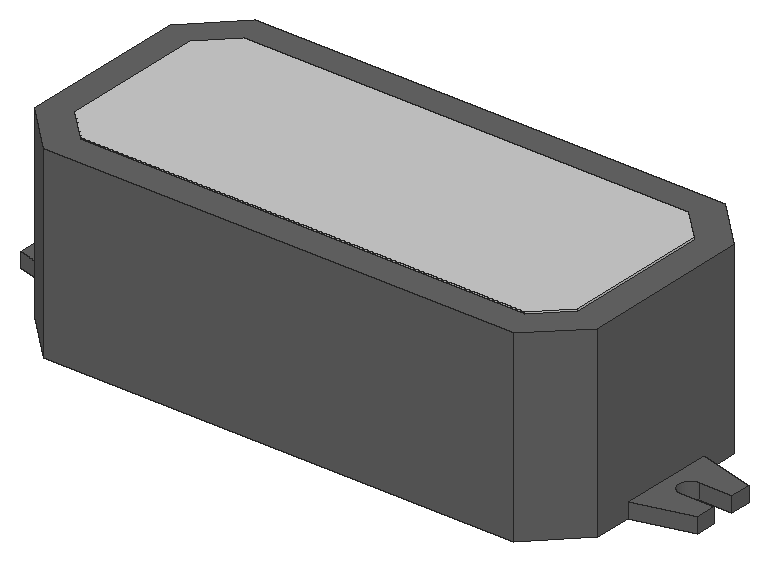
Revit family "UL924BRUNV", category Communication Devices, host Face, Revit 2014
Parameters (values of type "UL924BRUNV")
  Warranty = "5-Years Warranty"  # constant formula
  Type Comments = "Bypass Relays"  # constant formula
  Product Page URL = "https://www.hubbell.com/hubbellcontrolsolutions/en/Products/Lighting-Controls/Lighting-Controls-Sensors/Emergency-Lighting-Controls/Bypass-Relays/p/220879"
  Product Documentation Link = "https://hubbellcdn.com/specsheet/6002a_ul924_br_cutsheet.pdf"
  URL = "https://www.hubbell.com/hubbellcontrolsolutions/en"
  Model = "UL924BRUNV"  # constant formula
  Manufacturer = "Hubbell Control Solutions"  # constant formula
  Width = 2.75"
  Features = "20 Amp, normally closed relay\r\n120 or 277 volt operation\r\nUL924 Listed\r\nNo minimum load requirement\r\nFive-year warranty"  # constant formula
  Black = Paint - Hubbell - Carbon Black
  Height = 4.50"
  Gray = Paint - Hubbell - Gray Smooth
  Description = "Hubbell Control Solutions enclosed 20 amp emergency load control relay is specifically designed for applications that require the control of emergency light fixtures along with the general lighting in a space. This type of emergency lighting is often referred to as “always on”. The UL924BRUNV connects to the line side of the control device to sense the presence of “normal” power. It also connects to the load side of the control device to provide an ON/OFF signal for control of the emergency lights along with the general lighting. When normal power is lost, control is suspended and the normally closed relay provides emergency power to the emergency fixtures."  # constant formula
  Default Elevation = 48.00"
  Create Date = "03/11/2019"
  Copyright = "Copyright © 2019 Hubbell Control Solutions"  # constant formula
  Contact Us = "https://www.hubbell.com/hubbellcontrolsolutions/en/contactUs"
  Assembly Code = "D5090"
Reference planes (in)
  plane 1 "Center (Front/Back)": y = 13.01342
  plane 2: z = 0
  plane 3 "Center (Left/Right)": x = 0
  plane 4: z = -1.35
  plane 5: z = 0.3
  plane 6: x = -1.88
  plane 7: x = 1.88
  plane 8: y = 13.89342
  plane 9: y = 12.13342
Forms (in)
  Extrusion 1, solid, material "Paint - Hubbell - Carbon Black" <- "Black"
    sketch origin (0, 0, 0) x (1, 0, 0) y (0, 1, 0)
      loop
        line (-1.5675, 13.89342) -> (-1.88, 13.58092) -> (-1.88, 12.44592) -> (-1.5675, 12.13342) -> (1.5675, 12.13342) -> (1.88, 12.44592) -> (1.88, 13.58092) -> (1.5675, 13.89342) -> (-1.5675, 13.89342)
    from 0 to 1.25
  Extrusion 2, solid, material "Paint - Hubbell - Carbon Black" <- "Black"
    sketch origin (0, 0, 0) x (1, 0, 0) y (0, 1, 0)
      loop
        line (1.88, 13.32774) -> (1.88, 12.6991) -> (2.26227, 12.80153) -> (2.26227, 12.93636) -> (2.04352, 12.93636)
        arc (2.04352, 12.93636) -> (1.96796, 13.01191) -> (2.04352, 13.08746) r 0.07555
        line (2.04352, 13.08746) -> (2.26227, 13.08746) -> (2.26227, 13.22531) -> (1.88, 13.32774)
      loop
        line (-1.88, 13.32774) -> (-2.26227, 13.22531) -> (-2.26227, 13.08746) -> (-2.04352, 13.08746)
        arc (-2.04352, 13.08746) -> (-1.96796, 13.01191) -> (-2.04352, 12.93636) r 0.07555
        line (-2.04352, 12.93636) -> (-2.26227, 12.93636) -> (-2.26227, 12.80153) -> (-1.88, 12.6991) -> (-1.88, 13.32774)
    from 0 to 0.1
  Extrusion 3, solid, material "Paint - Hubbell - Gray Smooth" <- "Gray"
    sketch origin (0, 0, 0) x (1, 0, 0) y (0, 1, 0)
      loop
        line (1.48466, 13.69342) -> (-1.48466, 13.69342) -> (-1.68, 13.49808) -> (-1.68, 12.52876) -> (-1.48466, 12.33342) -> (1.48466, 12.33342) -> (1.68, 12.52876) -> (1.68, 13.49808) -> (1.48466, 13.69342)
    from 1.25 to 1.26
Cuts and joins
  joined: Extrusion 1, Extrusion 2
Dimensions and locks (in)
  plane 2 to plane 4 = 1.35"
  plane 5 to plane 4 = 1.65"
  aligned and locked: plane 2 to host face
  aligned and locked: level to host face
  aligned and locked: Extrusion 3 to cut or joined group of Extrusion 1, Extrusion 2
Connectors (in)
  electrical at (0, 13.01292, 0)
    settings: on cut or joined group of Extrusion 1, Extrusion 2, index 1, voltage 0 V, apparent load 0 VA, apparent load phase1 0 VA, apparent load phase2 0 VA, apparent load phase3 0 VA, power factor 1, load classification "Other", number of poles 1, system type 13, power factor state 1, is connector primary yes, connector utility no, sub classification motor no, connector description "Bypass Relays"
